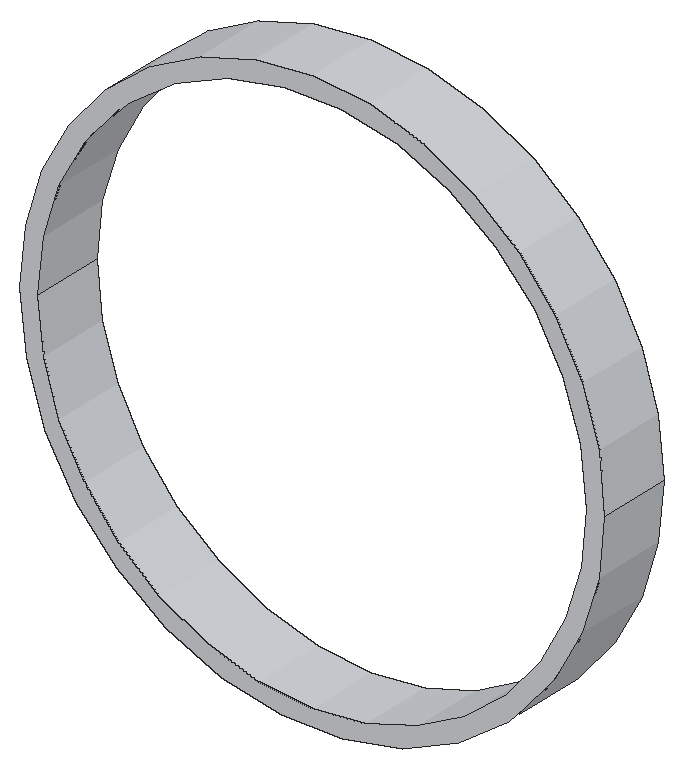
Revit family "Гибкая вставка B", category Оборудование, Revit 2022
Family settings
  Размер круглого соединителя = Использовать диаметр
  Тип детали = Нормальный
  Номер OmniClass = 23.75.00.00
  Заголовок OmniClass = Climate Control (HVAC)
  На основе рабочей плоскости = Нет
  Всегда вертикально = Да
  При загрузке вырезать с полостями = Нет
  Сохранять ориентацию аннотаций = Нет
  Общий = Да
  Точка принадлежности помещению = Нет
Parameters (values of type "B 160")
  Default Elevation = 0 mm
  URL = ""
  Cost = 0
  ADSK_Система_Имя [instance] = ""
  ADSK_Расход воздуха = 0.0 m³/h
  ADSK_Размер_Длина_L = 20 mm
  ADSK_Размер_Диаметр_D1 = ADSK_Размер_Диаметр_D - 10 mm  # 150 mm
  ADSK_Размер_Диаметр_D = 160 mm
  ADSK_Потеря давления воздуха = 0.0 Pa
  ADSK_Наименование краткое = "B 160"
  ADSK_Наименование [instance] = "Гибкая вставка B 160"
  ADSK_Масса_Текст = ""
  ADSK_Масса = 0
  ADSK_Марка = ""
  ADSK_Количество [instance] = 1  # constant formula
  ADSK_Код изделия = ""
  ADSK_Завод-изготовитель = "WAER"  # constant formula
  ADSK_Единица измерения = "шт."  # constant formula
  ADSK_URL страницы изделия = ""
  ADSK_URL документации изделия = ""
Types (6, lengths in mm): name | ADSK_Размер_Диаметр_D1 | ADSK_Размер_Диаметр_D | ADSK_Наименование краткое | ADSK_Наименование
  B 100 | 90 | 100 | "B 100" | "Гибкая вставка B 100"
  B 125 | 115 | 125 | "B 125" | "Гибкая вставка B 125"
  B 160 | 150 | 160 | "B 160" | "Гибкая вставка B 160"
  B 200 | 190 | 200 | "B 200" | "Гибкая вставка B 200"
  B 250 | 240 | 250 | "B 250" | "Гибкая вставка B 250"
  B 315 | 305 | 315 | "B 315" | "Гибкая вставка B 315"
Reference planes
  plane 1 "Center (Front/Back)": y = 0
  plane 2: z = 0
  plane 3 "Center (Left/Right)": x = 0
  plane 4: y = 10
  plane 5: y = -10
  plane 6: z = 160
Forms (mm)
  Extrusion 1, solid
    sketch origin (0, 0, 0) x (1, 0, 0) y (0, 0, 1)
      loop
        circle (0, 0) r 75
      loop
        circle (0, 0) r 80
    from -10 to 10
Dimensions and locks
  equal spacing: Extrusion 1 sketch curve, plane 2, Extrusion 1 sketch curve  (x2)
  equal spacing: Extrusion 1 sketch curve, plane 3 "Center (Left/Right)", Extrusion 1 sketch curve  (x2)
  equal spacing: plane 4, plane 1 "Center (Front/Back)", plane 5
  "ADSK_Размер_Длина_L": plane 4 to plane 5
  plane 6 to plane 2 = 160 mm
  "ADSK_Размер_Диаметр_D": diameter of Extrusion 1 sketch curve
  "ADSK_Размер_Диаметр_D1": diameter of Extrusion 1 sketch curve
  aligned and locked: level to plane 2
  aligned and locked: Extrusion 1 to plane 5
  aligned and locked: plane 4 to Extrusion 1
Connectors
  hvac at (0, -10, 0), driven by "ADSK_Размер_Диаметр_D"
    settings: on Extrusion 1, index 1, duct flow 0.0 m³/h, flow factor 0, pres drop 0.0 Pa, loss coef 0, conn angle 0.00°, conn width 304.8 mm, conn height 304.8 mm, conn diameter 160 mm, duct sys type 29, conn prof type 0, flow config 0, flow direction 0, loss method 0, conn ref index 2, conn util no, is conn primary yes, conn desc ""
  hvac at (0, 10, 0), driven by "ADSK_Размер_Диаметр_D"
    settings: on Extrusion 1, index 2, duct flow 0.0 m³/h, flow factor 0, pres drop 0.0 Pa, loss coef 0, conn angle 0.00°, conn width 304.8 mm, conn height 304.8 mm, conn diameter 160 mm, duct sys type 29, conn prof type 0, flow config 0, flow direction 0, loss method 0, conn ref index 1, conn util no, is conn primary no, conn desc ""
